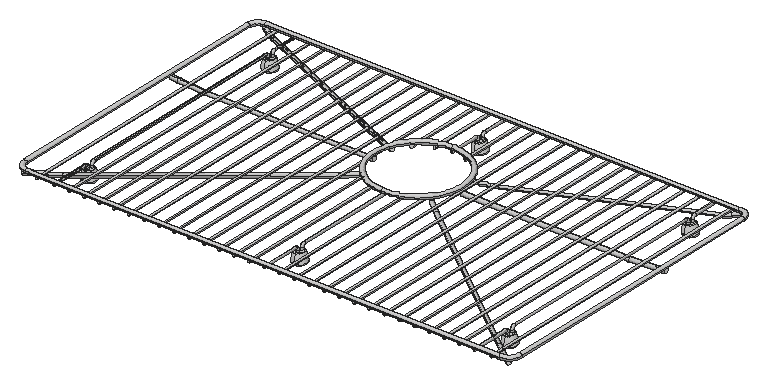
Revit family "Accessory-Sink_Rack-KOHLER-Lyric_Workstation-K-23380_1", category Specialty Equipment, host Face, Revit 2021 (continued)
Definition of nested family "K-23380"
  Lines and regions (in)
    Masking region 1
      outline origin (0, 0, 0) x (1, 0, 0) y (0, 1, 0)
        loop
          circle (-2.05906, 0) r 2.01329
    Masking region 2
      outline origin (0, 0, 0) x (1, 0, 0) y (0, 0, 1)
        loop
          arc (-7.12787, 1.02362) -> (-7.21742, 0.94007) -> (-7.14027, 0.84494) r 0.08977
          spline (-7.14027, 0.84494) -> (-7.14596, 0.84138) -> (-7.15139, 0.83734) -> (-7.15652, 0.83286) -> (-7.16131, 0.82796) -> (-7.16571, 0.8227) -> (-7.1697, 0.81709) -> (-7.17325, 0.8112) -> (-7.17633, 0.80506) -> (-7.17891, 0.79873) -> (-7.18098, 0.79224) -> (-7.18252, 0.78565) -> (-7.18352, 0.77901)
          spline (-7.18352, 0.77901) -> (-7.18397, 0.7724) -> (-7.18387, 0.76584) -> (-7.18322, 0.75938) -> (-7.18203, 0.75307) -> (-7.18031, 0.74695) -> (-7.17807, 0.74108) -> (-7.17533, 0.7355) -> (-7.1721, 0.73024) -> (-7.16841, 0.72535) -> (-7.1643, 0.72087) -> (-7.15978, 0.71683) -> (-7.15491, 0.71326)
          line (-7.15491, 0.71326) -> (-6.93494, 0.56131)
          arc (-6.93494, 0.56131) -> (-6.90686, 0.55165) -> (-6.8772, 0.55014) r 0.10637
          line (-6.8772, 0.55014) -> (-5.97633, 0.55014)
          arc (-5.97633, 0.55014) -> (-6.04887, 0.3473) -> (-6.06615, 0.13258) r 0.82094
          arc (-6.06615, 0.13258) -> (-6.06177, 0.11794) -> (-6.05115, 0.10697) r 0.03222
          arc (-6.05115, 0.10697) -> (-5.95451, 0.05578) -> (-5.85128, 0.01968) r 0.72683
          arc (-5.85128, 0.01968) -> (-5.79527, 0.01018) -> (-5.73848, 0.01123) r 0.30518
          arc (-5.73848, 0.01123) -> (-5.68169, 0.01018) -> (-5.62568, 0.01968) r 0.30518
          arc (-5.62568, 0.01968) -> (-5.52245, 0.05578) -> (-5.42581, 0.10697) r 0.72683
          arc (-5.42581, 0.10697) -> (-5.41519, 0.11794) -> (-5.41081, 0.13258) r 0.03222
          arc (-5.41081, 0.13258) -> (-5.42809, 0.3473) -> (-5.50064, 0.55014) r 0.82094
          line (-5.50064, 0.55014) -> (-3.04072, 0.55014)
          arc (-3.04072, 0.55014) -> (-2.89781, 0.60433) -> (-2.82676, 0.73967) r 0.21553
          line (-2.82676, 0.73967) -> (-2.15797, 0.73967) -> (-2.15797, 0.64162)
          arc (-2.15797, 0.64162) -> (-2.13007, 0.5728) -> (-2.06213, 0.54285) r 0.09881
          arc (-2.06213, 0.54285) -> (-1.99419, 0.5728) -> (-1.96629, 0.64162) r 0.09881
          line (-1.96629, 0.64162) -> (-1.96629, 0.73967) -> (-0.84047, 0.73967)
          arc (-0.84047, 0.73967) -> (-0.82683, 0.68602) -> (-0.78718, 0.64738) r 0.10203
          arc (-0.78718, 0.64738) -> (-0.68035, 0.59811) -> (-0.56799, 0.56324) r 0.89712
          arc (-0.56799, 0.56324) -> (-0.43794, 0.54202) -> (-0.30618, 0.54007) r 0.89712
          line (-0.30618, 0.54007) -> (4.76662, 0.54007)
          arc (4.76662, 0.54007) -> (4.698, 0.34178) -> (4.68188, 0.13258) r 0.82094
          arc (4.68188, 0.13258) -> (4.68626, 0.11794) -> (4.69688, 0.10697) r 0.03222
          arc (4.69688, 0.10697) -> (4.79352, 0.05578) -> (4.89675, 0.01968) r 0.72683
          arc (4.89675, 0.01968) -> (4.95276, 0.01018) -> (5.00955, 0.01123) r 0.30518
          arc (5.00955, 0.01123) -> (5.06635, 0.01018) -> (5.12235, 0.01968) r 0.30518
          arc (5.12235, 0.01968) -> (5.22558, 0.05578) -> (5.32222, 0.10697) r 0.72683
          arc (5.32222, 0.10697) -> (5.33284, 0.11794) -> (5.33722, 0.13258) r 0.03222
          arc (5.33722, 0.13258) -> (5.32182, 0.3383) -> (5.25562, 0.53369) r 0.82094
          line (5.25562, 0.53369) -> (6.33073, 0.53369)
          arc (6.33073, 0.53369) -> (6.40357, 0.53711) -> (6.47577, 0.54736) r 0.7763
          line (6.47577, 0.54736) -> (7.05592, 0.65769)
          arc (7.05592, 0.65769) -> (7.10415, 0.68592) -> (7.12375, 0.73825) r 0.08343
          arc (7.12375, 0.73825) -> (7.12419, 0.791) -> (7.12375, 0.84375) r 3.13631
          arc (7.12375, 0.84375) -> (7.21983, 0.92158) -> (7.15001, 1.02362) r 0.09119
          line (7.15001, 1.02362) -> (-7.12787, 1.02362)
    Masking region 3
      outline origin (0, 0, 0) x (0, 1, 0) y (0, 0, 1)
        loop
          arc (-11.78129, 1.02362) -> (-11.84734, 0.99679) -> (-11.87598, 0.9315) r 0.09473
          arc (-11.87598, 0.9315) -> (-11.84808, 0.86718) -> (-11.78086, 0.84728) r 0.08285
          line (-11.78086, 0.84728) -> (-11.80194, 0.6574) -> (-10.90421, 0.5577)
          arc (-10.90421, 0.5577) -> (-10.82685, 0.55177) -> (-10.74926, 0.5511) r 1.14157
          line (-10.74926, 0.5511) -> (-10.15871, 0.5511)
          arc (-10.15871, 0.5511) -> (-10.27799, 0.35178) -> (-10.33851, 0.12752) r 0.84506
          arc (-10.33851, 0.12752) -> (-10.33543, 0.11208) -> (-10.32368, 0.1016) r 0.02483
          arc (-10.32368, 0.1016) -> (-10.22429, 0.04722) -> (-10.11508, 0.0171) r 0.49031
          arc (-10.11508, 0.0171) -> (-10.06358, 0.01191) -> (-10.01181, 0.01217) r 0.49031
          arc (-10.01181, 0.01217) -> (-9.96005, 0.01191) -> (-9.90854, 0.0171) r 0.49031
          arc (-9.90854, 0.0171) -> (-9.79933, 0.04722) -> (-9.69994, 0.1016) r 0.49031
          arc (-9.69994, 0.1016) -> (-9.6882, 0.11208) -> (-9.68512, 0.12752) r 0.02483
          arc (-9.68512, 0.12752) -> (-9.74563, 0.35178) -> (-9.86491, 0.5511) r 0.84506
          line (-9.86491, 0.5511) -> (-2.02522, 0.5511)
          arc (-2.02522, 0.5511) -> (-1.92967, 0.56064) -> (-1.83789, 0.5889) r 0.4831
          line (-1.83789, 0.5889) -> (-1.64296, 0.64761)
          spline (-1.64296, 0.64761) -> (-1.63919, 0.65093) -> (-1.63573, 0.65488) -> (-1.63261, 0.65943) -> (-1.62987, 0.66453) -> (-1.62752, 0.67014) -> (-1.62558, 0.67621) -> (-1.62409, 0.68267) -> (-1.62304, 0.68947) -> (-1.62246, 0.69655) -> (-1.62233, 0.70383) -> (-1.62268, 0.71126) -> (-1.62349, 0.71875)
          spline (-1.62349, 0.71875) -> (-1.62553, 0.72986) -> (-1.62854, 0.74074) -> (-1.63244, 0.75116) -> (-1.63717, 0.76092) -> (-1.64261, 0.76981) -> (-1.64867, 0.77764) -> (-1.65521, 0.78426) -> (-1.66211, 0.78953) -> (-1.66921, 0.79334) -> (-1.67637, 0.79561) -> (-1.68345, 0.79629) -> (-1.6903, 0.79538)
          line (-1.6903, 0.79538) -> (-1.91713, 0.74089)
          arc (-1.91713, 0.74089) -> (-1.93654, 0.77837) -> (-1.96696, 0.80762) r 0.12962
          line (-1.96696, 0.80762) -> (-2.08825, 0.77512)
          arc (-2.08825, 0.77512) -> (-2.09281, 0.81883) -> (-2.1263, 0.84728) r 0.05906
          line (-2.1263, 0.84728) -> (-1.44802, 0.84728)
          arc (-1.44802, 0.84728) -> (-1.4732, 0.8278) -> (-1.48273, 0.79743) r 0.05315
          arc (-1.48273, 0.79743) -> (-1.42958, 0.74428) -> (-1.37643, 0.79743) r 0.05315
          arc (-1.37643, 0.79743) -> (-1.38596, 0.8278) -> (-1.41114, 0.84728) r 0.05315
          line (-1.41114, 0.84728) -> (-0.73304, 0.84728)
          arc (-0.73304, 0.84728) -> (-0.75821, 0.8278) -> (-0.76775, 0.79743) r 0.05315
          arc (-0.76775, 0.79743) -> (-0.7146, 0.74428) -> (-0.66145, 0.79743) r 0.05315
          arc (-0.66145, 0.79743) -> (-0.67098, 0.8278) -> (-0.69615, 0.84728) r 0.05315
          line (-0.69615, 0.84728) -> (-0.02091, 0.84728)
          arc (-0.02091, 0.84728) -> (-0.04407, 0.82781) -> (-0.05273, 0.79883) r 0.0528
          line (-0.05273, 0.79883) -> (-0.05273, 0.56854) -> (-0.11294, 0.56854)
          arc (-0.11294, 0.56854) -> (-0.12812, 0.56756) -> (-0.14059, 0.55885) r 0.02827
          arc (-0.14059, 0.55885) -> (-0.26422, 0.35638) -> (-0.32669, 0.12752) r 0.84506
          arc (-0.32669, 0.12752) -> (-0.32361, 0.11208) -> (-0.31187, 0.1016) r 0.02483
          arc (-0.31187, 0.1016) -> (-0.21248, 0.04722) -> (-0.10327, 0.0171) r 0.49031
          arc (-0.10327, 0.0171) -> (0, 0.00917) -> (0.10327, 0.0171) r 0.67628
          arc (0.10327, 0.0171) -> (0.21248, 0.04722) -> (0.31187, 0.1016) r 0.49031
          arc (0.31187, 0.1016) -> (0.32361, 0.11208) -> (0.32669, 0.12752) r 0.02483
          arc (0.32669, 0.12752) -> (0.26422, 0.35638) -> (0.14059, 0.55885) r 0.84506
          arc (0.14059, 0.55885) -> (0.12812, 0.56756) -> (0.11294, 0.56854) r 0.02827
          line (0.11294, 0.56854) -> (0.05288, 0.56854) -> (0.05288, 0.79883)
          arc (0.05288, 0.79883) -> (0.04421, 0.82781) -> (0.02106, 0.84728) r 0.0528
          line (0.02106, 0.84728) -> (0.69615, 0.84728)
          arc (0.69615, 0.84728) -> (0.67098, 0.8278) -> (0.66145, 0.79743) r 0.05315
          arc (0.66145, 0.79743) -> (0.7146, 0.74428) -> (0.76775, 0.79743) r 0.05315
          arc (0.76775, 0.79743) -> (0.75821, 0.8278) -> (0.73304, 0.84728) r 0.05315
          line (0.73304, 0.84728) -> (1.41114, 0.84728)
          arc (1.41114, 0.84728) -> (1.38596, 0.8278) -> (1.37643, 0.79743) r 0.05315
          arc (1.37643, 0.79743) -> (1.42958, 0.74428) -> (1.48273, 0.79743) r 0.05315
          arc (1.48273, 0.79743) -> (1.4732, 0.8278) -> (1.44802, 0.84728) r 0.05315
          line (1.44802, 0.84728) -> (2.1263, 0.84728)
          arc (2.1263, 0.84728) -> (2.09281, 0.81883) -> (2.08825, 0.77512) r 0.05906
          line (2.08825, 0.77512) -> (1.96696, 0.80762)
          arc (1.96696, 0.80762) -> (1.93654, 0.77837) -> (1.91713, 0.74089) r 0.12962
          line (1.91713, 0.74089) -> (1.68944, 0.79558)
          spline (1.68944, 0.79558) -> (1.68264, 0.79629) -> (1.67562, 0.79544) -> (1.66853, 0.79304) -> (1.66151, 0.78914) -> (1.65472, 0.78381) -> (1.64827, 0.77718) -> (1.64231, 0.76936) -> (1.63695, 0.76052) -> (1.6323, 0.75084) -> (1.62846, 0.74051) -> (1.62551, 0.72974) -> (1.62349, 0.71875)
          spline (1.62349, 0.71875) -> (1.62256, 0.7095) -> (1.62233, 0.70038) -> (1.62282, 0.69153) -> (1.62401, 0.68306) -> (1.62589, 0.6751) -> (1.62844, 0.66777) -> (1.6316, 0.66116) -> (1.63535, 0.65538) -> (1.63962, 0.6505) -> (1.64436, 0.6466) -> (1.6495, 0.64372) -> (1.65496, 0.64192)
          arc (1.65496, 0.64192) -> (1.87686, 0.57403) -> (2.10779, 0.5511) r 1.17426
          line (2.10779, 0.5511) -> (9.86491, 0.5511)
          arc (9.86491, 0.5511) -> (9.74563, 0.35178) -> (9.68512, 0.12752) r 0.84506
          arc (9.68512, 0.12752) -> (9.6882, 0.11208) -> (9.69994, 0.1016) r 0.02483
          arc (9.69994, 0.1016) -> (9.79933, 0.04722) -> (9.90854, 0.0171) r 0.49031
          arc (9.90854, 0.0171) -> (9.96005, 0.01191) -> (10.01181, 0.01217) r 0.49031
          arc (10.01181, 0.01217) -> (10.06358, 0.01191) -> (10.11508, 0.0171) r 0.49031
          arc (10.11508, 0.0171) -> (10.22429, 0.04722) -> (10.32368, 0.1016) r 0.49031
          arc (10.32368, 0.1016) -> (10.33543, 0.11208) -> (10.33851, 0.12752) r 0.02483
          arc (10.33851, 0.12752) -> (10.27799, 0.35178) -> (10.15871, 0.5511) r 0.84506
          line (10.15871, 0.5511) -> (10.74926, 0.5511)
          arc (10.74926, 0.5511) -> (10.82685, 0.55177) -> (10.90421, 0.5577) r 1.14157
          line (10.90421, 0.5577) -> (11.80194, 0.6574) -> (11.78086, 0.84728)
          arc (11.78086, 0.84728) -> (11.84808, 0.86718) -> (11.87598, 0.9315) r 0.08285
          arc (11.87598, 0.9315) -> (11.84734, 0.99679) -> (11.78129, 1.02362) r 0.09473
          line (11.78129, 1.02362) -> (-11.78129, 1.02362)
        loop
          line (10.86688, 0.75061) -> (11.28563, 0.84728) -> (10.84282, 0.84728)
          arc (10.84282, 0.84728) -> (10.88154, 0.80489) -> (10.86688, 0.75061) r 0.05906
        loop
          line (11.73387, 0.84728) -> (11.34369, 0.84728) -> (11.37252, 0.79836) -> (11.58637, 0.83951)
          arc (11.58637, 0.83951) -> (11.60572, 0.83763) -> (11.62094, 0.82555) r 0.03433
          line (11.62094, 0.82555) -> (11.73387, 0.84728)
        loop
          line (10.04489, 0.74236) -> (10.79099, 0.74236)
          arc (10.79099, 0.74236) -> (10.76556, 0.79927) -> (10.80532, 0.84728) r 0.05906
          line (10.80532, 0.84728) -> (10.03056, 0.84728)
          arc (10.03056, 0.84728) -> (10.07032, 0.79927) -> (10.04489, 0.74236) r 0.05906
        loop
          line (8.60742, 0.74236) -> (9.26397, 0.74236)
          arc (9.26397, 0.74236) -> (9.23854, 0.79927) -> (9.2783, 0.84728) r 0.05906
          line (9.2783, 0.84728) -> (8.59309, 0.84728)
          arc (8.59309, 0.84728) -> (8.63285, 0.79927) -> (8.60742, 0.74236) r 0.05906
        loop
          line (6.47408, 0.74214) -> (7.11998, 0.74236)
          arc (7.11998, 0.74236) -> (7.09455, 0.79927) -> (7.13431, 0.84728) r 0.05906
          line (7.13431, 0.84728) -> (6.46008, 0.84728)
          arc (6.46008, 0.84728) -> (6.49986, 0.79908) -> (6.47408, 0.74214) r 0.05906
        loop
          line (5.75145, 0.74236) -> (6.40824, 0.74236)
          arc (6.40824, 0.74236) -> (6.38281, 0.79927) -> (6.42257, 0.84728) r 0.05906
          line (6.42257, 0.84728) -> (5.73712, 0.84728)
          arc (5.73712, 0.84728) -> (5.77688, 0.79927) -> (5.75145, 0.74236) r 0.05906
        loop
          line (5.04433, 0.74202) -> (5.68529, 0.74236)
          arc (5.68529, 0.74236) -> (5.65986, 0.79927) -> (5.69962, 0.84728) r 0.05906
          line (5.69962, 0.84728) -> (5.0305, 0.84728)
          arc (5.0305, 0.84728) -> (5.0703, 0.79897) -> (5.04433, 0.74202) r 0.05906
        loop
          line (4.32481, 0.74236) -> (4.97867, 0.74236)
          arc (4.97867, 0.74236) -> (4.95324, 0.79927) -> (4.993, 0.84728) r 0.05906
          line (4.993, 0.84728) -> (4.31048, 0.84728)
          arc (4.31048, 0.84728) -> (4.35024, 0.79927) -> (4.32481, 0.74236) r 0.05906
        loop
          line (3.61148, 0.74236) -> (4.25864, 0.74236)
          arc (4.25864, 0.74236) -> (4.23321, 0.79927) -> (4.27297, 0.84728) r 0.05906
          line (4.27297, 0.84728) -> (3.59715, 0.84728)
          arc (3.59715, 0.84728) -> (3.63691, 0.79927) -> (3.61148, 0.74236) r 0.05906
        loop
          line (2.89688, 0.74152) -> (3.54532, 0.74236)
          arc (3.54532, 0.74236) -> (3.51989, 0.79927) -> (3.55965, 0.84728) r 0.05906
          line (3.55965, 0.84728) -> (2.88383, 0.84728)
          arc (2.88383, 0.84728) -> (2.92369, 0.79851) -> (2.89688, 0.74152) r 0.05906
        loop
          line (2.19638, 0.76208) -> (2.30842, 0.74236) -> (2.832, 0.74236)
          arc (2.832, 0.74236) -> (2.80657, 0.79927) -> (2.84633, 0.84728) r 0.05906
          line (2.84633, 0.84728) -> (2.1638, 0.84728)
          arc (2.1638, 0.84728) -> (2.20021, 0.81237) -> (2.19638, 0.76208) r 0.05906
        loop
          line (9.99306, 0.84728) -> (9.3158, 0.84728)
          arc (9.3158, 0.84728) -> (9.35556, 0.79927) -> (9.33013, 0.74236) r 0.05906
          line (9.33013, 0.74236) -> (9.97873, 0.74236)
          arc (9.97873, 0.74236) -> (9.9533, 0.79927) -> (9.99306, 0.84728) r 0.05906
        loop
          line (8.55559, 0.84728) -> (7.88379, 0.84728)
          arc (7.88379, 0.84728) -> (7.92355, 0.79927) -> (7.89812, 0.74236) r 0.05906
          line (7.89812, 0.74236) -> (8.54126, 0.74236)
          arc (8.54126, 0.74236) -> (8.51583, 0.79927) -> (8.55559, 0.84728) r 0.05906
        loop
          line (7.84629, 0.84728) -> (7.17181, 0.84728)
          arc (7.17181, 0.84728) -> (7.21157, 0.79927) -> (7.18614, 0.74236) r 0.05906
          line (7.18614, 0.74236) -> (7.83196, 0.74236)
          arc (7.83196, 0.74236) -> (7.80653, 0.79927) -> (7.84629, 0.84728) r 0.05906
        loop
          arc (-10.86688, 0.75061) -> (-10.88138, 0.80554) -> (-10.84282, 0.84728) r 0.05906
          line (-10.84282, 0.84728) -> (-11.28563, 0.84728) -> (-10.86688, 0.75061)
        loop
          arc (-10.04489, 0.74236) -> (-10.07032, 0.79927) -> (-10.03056, 0.84728) r 0.05906
          line (-10.03056, 0.84728) -> (-10.80532, 0.84728)
          arc (-10.80532, 0.84728) -> (-10.76556, 0.79927) -> (-10.79099, 0.74236) r 0.05906
          line (-10.79099, 0.74236) -> (-10.04489, 0.74236)
        loop
          arc (-6.47441, 0.74236) -> (-6.49984, 0.79927) -> (-6.46008, 0.84728) r 0.05906
          line (-6.46008, 0.84728) -> (-7.13431, 0.84728)
          arc (-7.13431, 0.84728) -> (-7.09455, 0.79927) -> (-7.11998, 0.74236) r 0.05906
          line (-7.11998, 0.74236) -> (-6.47441, 0.74236)
        loop
          arc (-5.75145, 0.74236) -> (-5.77688, 0.79927) -> (-5.73712, 0.84728) r 0.05906
          line (-5.73712, 0.84728) -> (-6.42257, 0.84728)
          arc (-6.42257, 0.84728) -> (-6.38281, 0.79927) -> (-6.40824, 0.74236) r 0.05906
          line (-6.40824, 0.74236) -> (-5.75145, 0.74236)
        loop
          arc (-5.04483, 0.74236) -> (-5.07026, 0.79927) -> (-5.0305, 0.84728) r 0.05906
          line (-5.0305, 0.84728) -> (-5.69962, 0.84728)
          arc (-5.69962, 0.84728) -> (-5.65986, 0.79927) -> (-5.68529, 0.74236) r 0.05906
          line (-5.68529, 0.74236) -> (-5.04483, 0.74236)
        loop
          arc (-4.32481, 0.74236) -> (-4.35024, 0.79927) -> (-4.31048, 0.84728) r 0.05906
          line (-4.31048, 0.84728) -> (-4.993, 0.84728)
          arc (-4.993, 0.84728) -> (-4.95324, 0.79927) -> (-4.97867, 0.74236) r 0.05906
          line (-4.97867, 0.74236) -> (-4.32481, 0.74236)
        loop
          arc (-3.61148, 0.74236) -> (-3.63691, 0.79927) -> (-3.59715, 0.84728) r 0.05906
          line (-3.59715, 0.84728) -> (-4.27297, 0.84728)
          arc (-4.27297, 0.84728) -> (-4.23321, 0.79927) -> (-4.25864, 0.74236) r 0.05906
          line (-4.25864, 0.74236) -> (-3.61148, 0.74236)
        loop
          arc (-2.89816, 0.74236) -> (-2.92359, 0.79927) -> (-2.88383, 0.84728) r 0.05906
          line (-2.88383, 0.84728) -> (-3.55965, 0.84728)
          arc (-3.55965, 0.84728) -> (-3.51989, 0.79927) -> (-3.54532, 0.74236) r 0.05906
          line (-3.54532, 0.74236) -> (-2.89816, 0.74236)
        loop
          arc (-2.1964, 0.76211) -> (-2.20021, 0.81239) -> (-2.1638, 0.84728) r 0.05906
          line (-2.1638, 0.84728) -> (-2.84633, 0.84728)
          arc (-2.84633, 0.84728) -> (-2.80657, 0.79927) -> (-2.832, 0.74236) r 0.05906
          line (-2.832, 0.74236) -> (-2.30842, 0.74236) -> (-2.1964, 0.76211)
        loop
          arc (-9.99306, 0.84728) -> (-9.9533, 0.79927) -> (-9.97873, 0.74236) r 0.05906
          line (-9.97873, 0.74236) -> (-9.33013, 0.74236)
          arc (-9.33013, 0.74236) -> (-9.35556, 0.79927) -> (-9.3158, 0.84728) r 0.05906
          line (-9.3158, 0.84728) -> (-9.99306, 0.84728)
        loop
          arc (-9.2783, 0.84728) -> (-9.23854, 0.79927) -> (-9.26397, 0.74236) r 0.05906
          line (-9.26397, 0.74236) -> (-8.60724, 0.74224)
          arc (-8.60724, 0.74224) -> (-8.63287, 0.79916) -> (-8.59309, 0.84728) r 0.05906
          line (-8.59309, 0.84728) -> (-9.2783, 0.84728)
        loop
          arc (-8.55559, 0.84728) -> (-8.51583, 0.79927) -> (-8.54126, 0.74236) r 0.05906
          line (-8.54126, 0.74236) -> (-7.89812, 0.74236)
          arc (-7.89812, 0.74236) -> (-7.92355, 0.79927) -> (-7.88379, 0.84728) r 0.05906
          line (-7.88379, 0.84728) -> (-8.55559, 0.84728)
        loop
          arc (-7.84629, 0.84728) -> (-7.80653, 0.79927) -> (-7.83196, 0.74236) r 0.05906
          line (-7.83196, 0.74236) -> (-7.18614, 0.74236)
          arc (-7.18614, 0.74236) -> (-7.21157, 0.79927) -> (-7.17181, 0.84728) r 0.05906
          line (-7.17181, 0.84728) -> (-7.84629, 0.84728)
        loop
          line (-11.34369, 0.84728) -> (-11.73375, 0.84728) -> (-11.62053, 0.82549)
          spline (-11.62053, 0.82549) -> (-11.61788, 0.82806) -> (-11.61516, 0.83039) -> (-11.61238, 0.83248) -> (-11.60955, 0.83433) -> (-11.60668, 0.83591) -> (-11.60378, 0.83724) -> (-11.60087, 0.8383) -> (-11.59795, 0.83909) -> (-11.59502, 0.83961) -> (-11.59211, 0.83985) -> (-11.58923, 0.83982) -> (-11.58637, 0.83951)
          line (-11.58637, 0.83951) -> (-11.37252, 0.79836)
          spline (-11.37252, 0.79836) -> (-11.37058, 0.80356) -> (-11.36853, 0.80864) -> (-11.36636, 0.81356) -> (-11.36408, 0.81831) -> (-11.36172, 0.82285) -> (-11.35928, 0.82718) -> (-11.35677, 0.83125) -> (-11.35421, 0.83507) -> (-11.3516, 0.83859) -> (-11.34897, 0.84181) -> (-11.34633, 0.84471) -> (-11.34369, 0.84728)
    symbolic lines, detail levels medium+fine
      curve 1: line (-7.02362, -10.87573, 0) -> (-7.02362, 11.28543, 0)
      curve 2: arc (-7.02362, 11.28543, 0) -> (-7.02157, 11.32555, 0) -> (-7.01545, 11.36524, 0) r 0.3937
      curve 3: line (-6.62992, 11.67913, 0) -> (6.62992, 11.67913, 0)
      curve 4: arc (6.90622, 11.5659, 0) -> (6.99309, 11.43746, 0) -> (7.02362, 11.28543, 0) r 0.3937
      curve 5: line (7.02362, 11.28543, 0) -> (7.02362, -11.28543, 0)
      curve 6: arc (-3.66997, 1.49346, 0) -> (-3.71442, 1.44404, 0) -> (-3.75735, 1.3933, 0) r 2.19669
      curve 7: line (7.02362, 10.87773, 0) -> (-7.02362, 10.87773, 0)
      curve 8: line (-6.7538, 10.77756, 0) -> (7.02362, 10.77756, 0)
      curve 9: line (7.02362, 9.3488, 0) -> (-6.49093, 9.3488, 0)
      curve 10: line (-7.02362, 9.24864, 0) -> (7.02362, 9.24864, 0)
      curve 11: line (7.02362, 8.63599, 0) -> (-7.02362, 8.63599, 0)
      curve 12: line (-7.02362, 8.53583, 0) -> (6.95276, 8.53583, 0)
      curve 13: line (7.02362, 7.91837, 0) -> (-7.02362, 7.91837, 0)
      curve 14: line (-7.02362, 7.81821, 0) -> (6.95276, 7.81821, 0)
      curve 15: line (7.02362, 7.20556, 0) -> (-7.02362, 7.20556, 0)
      curve 16: line (-7.02362, 7.1054, 0) -> (7.02362, 7.1054, 0)
      curve 17: line (7.02362, 6.48795, 0) -> (-7.02362, 6.48795, 0)
      curve 18: line (-7.02362, 6.38779, 0) -> (7.02362, 6.38779, 0)
      curve 19: line (7.02362, 5.77993, 0) -> (-7.02362, 5.77993, 0)
      curve 20: line (-7.02362, 5.67977, 0) -> (7.02362, 5.67977, 0)
      curve 21: line (7.02362, 5.06232, 0) -> (-7.02362, 5.06232, 0)
      curve 22: line (-7.02362, 4.96216, 0) -> (7.02362, 4.96216, 0)
      curve 23: line (7.02362, 4.33991, 0) -> (-7.02362, 4.33991, 0)
      curve 24: line (-7.02362, 4.23975, 0) -> (6.95276, 4.23975, 0)
      curve 25: line (6.95276, 3.6343, 0) -> (-7.02362, 3.6343, 0)
      curve 26: line (-7.02362, 3.53413, 0) -> (6.95276, 3.53413, 0)
      curve 27: line (7.02362, 2.91908, 0) -> (-7.02362, 2.91908, 0)
      curve 28: line (-7.02362, 2.81892, 0) -> (6.95276, 2.81892, 0)
      curve 29: line (-7.02362, 2.09651, 0) -> (-2.71489, 2.09651, 0)
      curve 30: line (-1.40322, 2.09651, 0) -> (6.27394, 2.09651, 0)
      curve 31: line (-2.73593, -2.08981, 0) -> (-7.02362, -2.08981, 0)
      curve 32: line (-7.02362, -2.18997, 0) -> (-2.8077, -2.18997, 0)
      curve 33: line (0.09133, -2.08981, 0) -> (-1.38218, -2.08981, 0)
      curve 34: line (-1.95693, -2.18997, 0) -> (-0.24553, -2.18997, 0)
      curve 35: line (6.95276, -2.80982, 0) -> (-7.02362, -2.80982, 0)
      curve 36: line (-7.02362, -2.90998, 0) -> (0.65354, -2.90998, 0)
      curve 37: line (1.83465, -3.51544, 0) -> (-7.02362, -3.51544, 0)
      curve 38: line (-7.02362, -3.6156, 0) -> (1.44094, -3.6156, 0)
      curve 39: line (1.83465, -4.23545, 0) -> (-7.02362, -4.23545, 0)
      curve 40: line (-7.02362, -4.33561, 0) -> (1.83465, -4.33561, 0)
      curve 41: line (2.4252, -4.94826, 0) -> (-7.02362, -4.94826, 0)
      curve 42: line (-7.02362, -5.04842, 0) -> (2.4252, -5.04842, 0)
      curve 43: line (2.8189, -5.66107, 0) -> (-7.02362, -5.66107, 0)
      curve 44: line (-7.02362, -5.76124, 0) -> (2.8189, -5.76124, 0)
      curve 45: line (4, -6.38109, 0) -> (-7.02362, -6.38109, 0)
      curve 46: line (-7.02362, -6.48125, 0) -> (3.6063, -6.48125, 0)
      curve 47: line (4.59055, -7.0939, 0) -> (-7.02362, -7.0939, 0)
      curve 48: line (-7.02362, -7.19406, 0) -> (4.59055, -7.19406, 0)
      curve 49: line (5.77165, -7.80911, 0) -> (-7.02362, -7.80911, 0)
      curve 50: line (-7.02362, -7.90927, 0) -> (5.0034, -7.90927, 0)
      curve 51: line (5.5748, -8.52673, 0) -> (-7.02362, -8.52673, 0)
      curve 52: line (-7.02362, -8.62689, 0) -> (5.37795, -8.62689, 0)
      curve 53: line (5.9685, -9.24194, 0) -> (-7.02362, -9.24194, 0)
      curve 54: line (-7.02362, -9.3421, 0) -> (5.9685, -9.3421, 0)
      curve 55: line (-6.98136, -10.77557, 0) -> (6.60132, -10.77557, 0)
      curve 56: line (-7.02362, -10.87573, 0) -> (7.02362, -10.87573, 0)
      curve 57: line (-7.01929, -11.34369, 0) -> (-7.02362, -10.87573, 0)
      curve 58: arc (7.00873, -11.39271, 0) -> (6.97107, -11.48195, 0) -> (6.91276, -11.5593, 0) r 0.3937
      curve 59: line (-6.07522, 10.06374, 0) -> (-5.87517, 10.06374, 0)
      curve 60: arc (-5.87517, 10.06374, 0) -> (-5.83582, 10.04892, 0) -> (-5.81603, 10.01181, 0) r 0.05964
      curve 61: arc (-5.81603, 10.01181, 0) -> (-5.82979, 9.9716, 0) -> (-5.8701, 9.95813, 0) r 0.04793
      curve 62: line (-5.8701, 9.95813, 0) -> (-6.08133, 9.95813, 0)
      curve 63: arc (4.89637, 10.05921, 0) -> (4.91897, 10.03999, 0) -> (4.92825, 10.01181, 0) r 0.05481
      curve 64: arc (4.92825, 10.01181, 0) -> (4.91653, 9.97697, 0) -> (4.88443, 9.95905, 0) r 0.05102
      curve 65: line (-5.41404, 10.06374, 0) -> (-5.61409, 10.06374, 0)
      curve 66: arc (-5.61409, 10.06374, 0) -> (-5.65345, 10.04892, 0) -> (-5.67324, 10.01181, 0) r 0.05964
      curve 67: arc (-5.67324, 10.01181, 0) -> (-5.65948, 9.9716, 0) -> (-5.61916, 9.95813, 0) r 0.04793
      curve 68: line (-5.61916, 9.95813, 0) -> (-5.40793, 9.95813, 0)
      curve 69: line (4.67213, 10.05921, 0) -> (4.89637, 10.05921, 0)
      curve 70: line (4.67294, 9.95905, 0) -> (4.88443, 9.95905, 0)
      curve 71: arc (5.11043, 10.05921, 0) -> (5.08783, 10.03999, 0) -> (5.07855, 10.01181, 0) r 0.05481
      curve 72: arc (5.07855, 10.01181, 0) -> (5.09027, 9.97697, 0) -> (5.12237, 9.95905, 0) r 0.05102
      curve 73: line (5.33467, 10.05921, 0) -> (5.11043, 10.05921, 0)
      curve 74: line (5.33386, 9.95905, 0) -> (5.12237, 9.95905, 0)
      curve 75: line (-6.07517, -9.95955, 0) -> (-5.8703, -9.95955, 0)
      curve 76: line (-6.07517, -10.06407, 0) -> (-5.8703, -10.06407, 0)
      curve 77: arc (-5.8703, -9.95955, 0) -> (-5.81804, -10.01181, 0) -> (-5.8703, -10.06407, 0) r 0.05226
      curve 78: line (-5.41409, -9.95955, 0) -> (-5.61896, -9.95955, 0)
      curve 79: line (-5.41409, -10.06407, 0) -> (-5.61896, -10.06407, 0)
      curve 80: arc (-5.61896, -9.95955, 0) -> (-5.67122, -10.01181, 0) -> (-5.61896, -10.06407, 0) r 0.05226
      curve 81: line (4.67286, -9.95955, 0) -> (4.87619, -9.95955, 0)
      curve 82: line (4.67286, -10.06407, 0) -> (4.87619, -10.06407, 0)
      curve 83: arc (4.87619, -9.95955, 0) -> (4.92844, -10.01181, 0) -> (4.87619, -10.06407, 0) r 0.05226
      curve 84: line (5.33394, -9.95955, 0) -> (5.13061, -9.95955, 0)
      curve 85: line (5.33394, -10.06407, 0) -> (5.13061, -10.06407, 0)
      curve 86: arc (5.13061, -9.95955, 0) -> (5.07835, -10.01181, 0) -> (5.13061, -10.06407, 0) r 0.05226
      curve 87: line (-6.07417, 0.05823, 0) -> (-5.89111, 0.05823, 0)
      curve 88: line (-6.07664, -0.04193, 0) -> (-5.89111, -0.04193, 0)
      curve 89: arc (-5.89111, 0.05823, 0) -> (-5.84103, 0.00815, 0) -> (-5.89111, -0.04193, 0) r 0.05008
      curve 90: line (-5.41509, 0.05823, 0) -> (-5.59815, 0.05823, 0)
      curve 91: line (-5.41262, -0.04193, 0) -> (-5.59815, -0.04193, 0)
      curve 92: arc (-5.59815, 0.05823, 0) -> (-5.64823, 0.00815, 0) -> (-5.59815, -0.04193, 0) r 0.05008
      curve 93: line (4.67386, 0.05823, 0) -> (4.89954, 0.05823, 0)
      curve 94: line (4.67139, -0.04193, 0) -> (4.89954, -0.04193, 0)
      curve 95: arc (4.89954, 0.05823, 0) -> (4.94962, 0.00815, 0) -> (4.89954, -0.04193, 0) r 0.05008
      curve 96: line (5.33294, 0.05823, 0) -> (5.10726, 0.05823, 0)
      curve 97: line (5.33541, -0.04193, 0) -> (5.10726, -0.04193, 0)
      curve 98: arc (5.10726, 0.05823, 0) -> (5.05718, 0.00815, 0) -> (5.10726, -0.04193, 0) r 0.05008
      curve 99: line (-3.14834, 2.19667, 0) -> (-2.93334, 2.19667, 0)
      curve 100: line (-0.47085, 2.19667, 0) -> (-0.22757, 2.19667, 0)
      curve 101: line (5.9685, -11.67913, 0) -> (-6.62992, -11.67913, 0)
      curve 102: line (-1.78897, -9.95955, 0) -> (-5.41409, -9.95955, 0)
      curve 103: line (-5.41343, -10.05971, 0) -> (-1.91849, -10.05971, 0)
      curve 104: line (-6.61567, -9.95955, 0) -> (-6.399, -9.95955, 0)
      curve 105: line (-6.66055, -10.05971, 0) -> (-6.44388, -10.05971, 0)
      curve 106: line (5.65172, -9.95955, 0) -> (5.87901, -9.95955, 0)
      curve 107: line (5.73067, -10.05971, 0) -> (5.95796, -10.05971, 0)
      curve 108: line (-6.9688, 10.77756, 0) -> (-6.7538, 10.77756, 0)
      curve 109: line (5.71989, 10.05921, 0) -> (5.96318, 10.05921, 0)
      curve 110: line (5.64103, 9.95905, 0) -> (5.92055, 9.95905, 0)
      curve 111: line (-6.64897, 10.05921, 0) -> (-6.43397, 10.05921, 0)
      curve 112: line (-6.60438, 9.95905, 0) -> (-6.38937, 9.95905, 0)
      curve 113: line (7.1235, 0, 0.84375) -> (7.05372, 0, 0.84375)
      curve 114: line (5.33722, 0, 0.13258) -> (4.68188, 0, 0.13258)
      curve 115: line (5.32222, 0, 0.10697) -> (4.69688, 0, 0.10697)
      curve 116: line (5.20011, 0, 0.57026) -> (5.20011, 0, 0.68594)
      curve 117: line (5.08416, 0, 0.57026) -> (5.08416, 0, 0.69414)
      curve 118: arc (5.08416, 0, 0.69414) -> (5.08866, 0, 0.71851) -> (5.10154, 0, 0.73967) r 0.06832
      curve 119: line (5.20011, 0, 0.57026) -> (5.0034, 0, 0.57026)
      curve 120: arc (5.25562, 0, 0.53369) -> (5.23335, 0, 0.56029) -> (5.20011, 0, 0.57026) r 0.06042
      curve 121: line (4.80669, 0, 0.57026) -> (4.80669, 0, 0.68594)
      curve 122: line (4.92263, 0, 0.57026) -> (4.92263, 0, 0.69414)
      curve 123: arc (4.92263, 0, 0.69414) -> (4.91814, 0, 0.71851) -> (4.90526, 0, 0.73967) r 0.06832
      curve 124: line (4.80669, 0, 0.57026) -> (5.0034, 0, 0.57026)
      curve 125: arc (4.76662, 0, 0.54007) -> (4.78161, 0, 0.56187) -> (4.80669, 0, 0.57026) r 0.04169
      curve 126: arc (7.12375, 0, 0.74286) -> (7.1075, 0, 0.79843) -> (7.06593, 0, 0.83872) r 0.11335
      curve 127: arc (7.06593, 0, 0.83872) -> (7.04568, 0, 0.84534) -> (7.02442, 0, 0.84375) r 0.05486
      curve 128: arc (6.99123, 0, 0.81774) -> (6.98774, 0, 0.71978) -> (7.06552, 0, 0.66012) r 0.10696
      curve 129: arc (7.02442, 0, 0.84375) -> (7.00523, 0, 0.83406) -> (6.99123, 0, 0.81774) r 0.05486
      curve 130: line (7.02442, 0, 0.84375) -> (-7.0663, 0, 0.84375)
      curve 131: line (6.67577, 0, 0.78036) -> (7.02442, 0, 0.84375)
      curve 132: arc (6.34568, 0, 0.73967) -> (6.51131, 0, 0.75529) -> (6.67577, 0, 0.78036) r 2.9089
      curve 133: line (-5.41081, 0, 0.13258) -> (-6.06615, 0, 0.13258)
      curve 134: line (-5.42581, 0, 0.10697) -> (-6.05115, 0, 0.10697)
      curve 135: line (-2.82676, 0, 0.73967) -> (-6.86456, 0, 0.73967)
      curve 136: line (-5.54792, 0, 0.57026) -> (-5.54792, 0, 0.68594)
      curve 137: line (-5.66387, 0, 0.57026) -> (-5.66387, 0, 0.69414)
      curve 138: arc (-5.66387, 0, 0.69414) -> (-5.65937, 0, 0.71851) -> (-5.64649, 0, 0.73967) r 0.06832
      curve 139: line (-5.54792, 0, 0.57026) -> (-5.74463, 0, 0.57026)
      curve 140: arc (-5.5029, 0, 0.55014) -> (-5.52327, 0, 0.565) -> (-5.54792, 0, 0.57026) r 0.06042
      curve 141: line (-5.94134, 0, 0.57026) -> (-5.94134, 0, 0.68618)
      curve 142: line (-5.8254, 0, 0.57026) -> (-5.8254, 0, 0.69414)
      curve 143: arc (-5.8254, 0, 0.69414) -> (-5.82989, 0, 0.71851) -> (-5.84277, 0, 0.73967) r 0.06832
      curve 144: line (-5.94134, 0, 0.57026) -> (-5.74463, 0, 0.57026)
      curve 145: arc (-5.97702, 0, 0.55014) -> (-5.96182, 0, 0.56488) -> (-5.94134, 0, 0.57026) r 0.04169
      curve 146: arc (-5.54792, 0, 0.68594) -> (-5.53267, 0, 0.72346) -> (-5.49555, 0, 0.73967) r 0.05375
      curve 147: arc (-5.94134, 0, 0.68618) -> (-5.95968, 0, 0.7267) -> (-6.00222, 0, 0.73967) r 0.05394
      curve 148: spline (-7.03966, 0, 0.77901) -> (-7.04219, 0, 0.76579) -> (-7.04684, 0, 0.75296) -> (-7.05347, 0, 0.74094) -> (-7.06187, 0, 0.73007) -> (-7.07178, 0, 0.72069) -> (-7.0829, 0, 0.71309) -> (-7.0949, 0, 0.7075) -> (-7.1074, 0, 0.70408) -> (-7.12004, 0, 0.70296) -> (-7.13241, 0, 0.70414) -> (-7.14416, 0, 0.70761) -> (-7.15491, 0, 0.71326)
      curve 149: spline (-7.14027, 0, 0.84494) -> (-7.1283, 0, 0.85052) -> (-7.11582, 0, 0.85393) -> (-7.10321, 0, 0.85507) -> (-7.09086, 0, 0.8539) -> (-7.07914, 0, 0.85046) -> (-7.0684, 0, 0.84485) -> (-7.05897, 0, 0.83724) -> (-7.05114, 0, 0.82787) -> (-7.04514, 0, 0.81701) -> (-7.04115, 0, 0.80501) -> (-7.03931, 0, 0.79221) -> (-7.03966, 0, 0.77901)
      curve 150: line (-6.86456, 0, 0.73967) -> (-7.06827, 0, 0.84477)
      curve 151: line (0, 10.33851, 0.12752) -> (0, 9.68512, 0.12752)
      curve 152: line (0, 10.32368, 0.1016) -> (0, 9.69994, 0.1016)
      curve 153: arc (0, 10.84282, 0.84728) -> (0, 10.82407, 0.85034) -> (0, 10.80532, 0.84728) r 0.05906
      curve 154: arc (0, 10.03056, 0.84728) -> (0, 10.01181, 0.85034) -> (0, 9.99306, 0.84728) r 0.05906
      curve 155: arc (0, 9.26397, 0.74236) -> (0, 9.29705, 0.73223) -> (0, 9.33013, 0.74236) r 0.05906
      curve 156: arc (0, 8.59309, 0.84728) -> (0, 8.57434, 0.85034) -> (0, 8.55559, 0.84728) r 0.05906
      curve 157: arc (0, 7.88379, 0.84728) -> (0, 7.86504, 0.85034) -> (0, 7.84629, 0.84728) r 0.05906
      curve 158: arc (0, 7.17181, 0.84728) -> (0, 7.15306, 0.85034) -> (0, 7.13431, 0.84728) r 0.05906
      curve 159: arc (0, 6.46008, 0.84728) -> (0, 6.44133, 0.85034) -> (0, 6.42257, 0.84728) r 0.05906
      curve 160: arc (0, 5.73712, 0.84728) -> (0, 5.71837, 0.85034) -> (0, 5.69962, 0.84728) r 0.05906
      curve 161: arc (0, 5.0305, 0.84728) -> (0, 5.01175, 0.85034) -> (0, 4.993, 0.84728) r 0.05906
      curve 162: arc (0, 4.31048, 0.84728) -> (0, 4.29172, 0.85034) -> (0, 4.27297, 0.84728) r 0.05906
      curve 163: arc (0, 3.59715, 0.84728) -> (0, 3.5784, 0.85034) -> (0, 3.55965, 0.84728) r 0.05906
      curve 164: arc (0, 2.88383, 0.84728) -> (0, 2.86508, 0.85034) -> (0, 2.84633, 0.84728) r 0.05906
      curve 165: arc (0, 2.1638, 0.84728) -> (0, 2.14505, 0.85034) -> (0, 2.1263, 0.84728) r 0.05906
      curve 166: arc (0, 1.44802, 0.84728) -> (0, 1.42958, 0.85058) -> (0, 1.41114, 0.84728) r 0.05315
      curve 167: arc (0, 0.73304, 0.84728) -> (0, 0.7146, 0.85058) -> (0, 0.69615, 0.84728) r 0.05315
      curve 168: arc (0, 0.02106, 0.84728) -> (0, 0.00007, 0.85163) -> (0, -0.02091, 0.84728) r 0.0528
      curve 169: line (0, 0.32669, 0.12752) -> (0, -0.32669, 0.12752)
      curve 170: line (0, 0.31187, 0.1016) -> (0, -0.31187, 0.1016)
      curve 171: arc (0, -0.69615, 0.84728) -> (0, -0.72121, 0.85017) -> (0, -0.74477, 0.84119) r 0.05315
      curve 172: arc (0, -1.41114, 0.84728) -> (0, -1.43468, 0.85034) -> (0, -1.4572, 0.84284) r 0.05315
      curve 173: arc (0, -2.1263, 0.84728) -> (0, -2.14505, 0.85034) -> (0, -2.1638, 0.84728) r 0.05906
      curve 174: arc (0, -2.84633, 0.84728) -> (0, -2.86508, 0.85034) -> (0, -2.88383, 0.84728) r 0.05906
      curve 175: arc (0, -3.55965, 0.84728) -> (0, -3.5784, 0.85034) -> (0, -3.59715, 0.84728) r 0.05906
      curve 176: arc (0, -4.27297, 0.84728) -> (0, -4.29172, 0.85034) -> (0, -4.31048, 0.84728) r 0.05906
      curve 177: arc (0, -4.993, 0.84728) -> (0, -5.01175, 0.85034) -> (0, -5.0305, 0.84728) r 0.05906
      curve 178: arc (0, -5.69962, 0.84728) -> (0, -5.71837, 0.85034) -> (0, -5.73712, 0.84728) r 0.05906
      curve 179: arc (0, -6.42257, 0.84728) -> (0, -6.44133, 0.85034) -> (0, -6.46008, 0.84728) r 0.05906
      curve 180: arc (0, -7.13431, 0.84728) -> (0, -7.15306, 0.85034) -> (0, -7.17181, 0.84728) r 0.05906
      curve 181: arc (0, -7.84629, 0.84728) -> (0, -7.86504, 0.85034) -> (0, -7.88379, 0.84728) r 0.05906
      curve 182: arc (0, -8.55559, 0.84728) -> (0, -8.57434, 0.85034) -> (0, -8.59309, 0.84728) r 0.05906
      curve 183: arc (0, -9.2783, 0.84728) -> (0, -9.29705, 0.85034) -> (0, -9.3158, 0.84728) r 0.05906
      curve 184: arc (0, -9.99306, 0.84728) -> (0, -10.01181, 0.85034) -> (0, -10.03056, 0.84728) r 0.05906
      curve 185: arc (0, -10.80532, 0.84728) -> (0, -10.82407, 0.85034) -> (0, -10.84282, 0.84728) r 0.05906
      curve 186: line (0, -9.68512, 0.12752) -> (0, -10.33851, 0.12752)
      curve 187: line (0, -9.69994, 0.1016) -> (0, -10.32368, 0.1016)
      curve 188: spline (0, 11.31425, 0.77901) -> (0, 11.31267, 0.78606) -> (0, 11.31137, 0.79306) -> (0, 11.31037, 0.79993) -> (0, 11.30968, 0.80662) -> (0, 11.30931, 0.81307) -> (0, 11.30925, 0.81923) -> (0, 11.30952, 0.82504) -> (0, 11.3101, 0.83046) -> (0, 11.31099, 0.83543) -> (0, 11.31219, 0.83992) -> (0, 11.31368, 0.84388) -> (0, 11.31545, 0.84728)
      curve 189: spline (0, 11.37831, 0.77901) -> (0, 11.38203, 0.75933) -> (0, 11.38332, 0.74098) -> (0, 11.38209, 0.72523) -> (0, 11.37842, 0.71315) -> (0, 11.37255, 0.70555) -> (0, 11.3649, 0.70296) -> (0, 11.35597, 0.70555) -> (0, 11.34639, 0.71315) -> (0, 11.3368, 0.72523) -> (0, 11.32785, 0.74098) -> (0, 11.32016, 0.75933) -> (0, 11.31425, 0.77901)
      curve 190: spline (0, 11.62017, 0.82586) -> (0, 11.61505, 0.83048) -> (0, 11.60972, 0.83422) -> (0, 11.60425, 0.83704) -> (0, 11.59871, 0.83891) -> (0, 11.59316, 0.83979) -> (0, 11.58768, 0.83969) -> (0, 11.58234, 0.83859) -> (0, 11.57721, 0.83652) -> (0, 11.57234, 0.8335) -> (0, 11.56781, 0.82957) -> (0, 11.56367, 0.82477) -> (0, 11.55997, 0.81918)
      curve 191: line (0, 11.62017, 0.82586) -> (0, 11.37252, 0.79836)
      curve 192: line (0, 11.36837, 0.70344) -> (0, 11.02701, 0.60555)
      curve 193: arc (0, 11.02701, 0.60555) -> (0, 10.86901, 0.5735) -> (0, 10.70793, 0.56676) r 1.01972
      curve 194: line (0, 10.70793, 0.56676) -> (0, 2.49135, 0.56676)
      curve 195: line (0, 10.84282, 0.84728) -> (0, 11.31545, 0.84728)
      curve 196: line (0, 11.21656, 0.84728) -> (0, 11.78086, 0.84728)
      curve 197: spline (0, 11.37252, 0.79836) -> (0, 11.37307, 0.79678) -> (0, 11.37361, 0.79519) -> (0, 11.37414, 0.79359) -> (0, 11.37466, 0.79199) -> (0, 11.37516, 0.79038) -> (0, 11.37565, 0.78877) -> (0, 11.37613, 0.78715) -> (0, 11.37659, 0.78553) -> (0, 11.37704, 0.7839) -> (0, 11.37748, 0.78227) -> (0, 11.3779, 0.78064) -> (0, 11.37831, 0.77901)
      curve 198: line (0, 11.58637, 0.83951) -> (0, 11.37252, 0.79836)
      curve 199: arc (0, 2.49135, 0.56676) -> (0, 2.20119, 0.58961) -> (0, 1.91818, 0.65762) r 1.85332
      curve 200: arc (0, 1.91818, 0.65762) -> (0, 1.91713, 0.74089) -> (0, 1.96696, 0.80762) r 0.12962
      curve 201: line (0, 1.96696, 0.80762) -> (0, 2.08825, 0.77512)
      curve 202: line (0, 2.10779, 0.60688) -> (0, 2.10779, 0.5511)
      curve 203: spline (0, 1.68944, 0.79558) -> (0, 1.69491, 0.79378) -> (0, 1.70004, 0.7909) -> (0, 1.70478, 0.787) -> (0, 1.70905, 0.78212) -> (0, 1.7128, 0.77634) -> (0, 1.71597, 0.76973) -> (0, 1.71851, 0.7624) -> (0, 1.72039, 0.75444) -> (0, 1.72158, 0.74597) -> (0, 1.72207, 0.73712) -> (0, 1.72185, 0.728) -> (0, 1.72091, 0.71875)
      curve 204: spline (0, 1.72091, 0.71875) -> (0, 1.71874, 0.70709) -> (0, 1.71551, 0.69569) -> (0, 1.7113, 0.68481) -> (0, 1.70619, 0.67471) -> (0, 1.70031, 0.66561) -> (0, 1.6938, 0.65772) -> (0, 1.68679, 0.65122) -> (0, 1.67945, 0.64625) -> (0, 1.67194, 0.64294) -> (0, 1.66444, 0.64135) -> (0, 1.65711, 0.64152) -> (0, 1.65013, 0.64345)
      curve 205: line (0, 1.68944, 0.79558) -> (0, 1.91713, 0.74089)
      curve 206: line (0, 10.15871, 0.5511) -> (0, 9.86491, 0.5511)
      curve 207: line (0, -10.33851, 0.12752) -> (0, -9.68512, 0.12752)
      curve 208: line (0, -10.32368, 0.1016) -> (0, -9.69994, 0.1016)
      curve 209: arc (0, -9.97873, 0.74236) -> (0, -10.01181, 0.73223) -> (0, -10.04489, 0.74236) r 0.05906
      curve 210: arc (0, -2.08825, 0.77512) -> (0, -2.13862, 0.73258) -> (0, -2.19701, 0.7632) r 0.05906
      curve 211: spline (0, -11.31425, 0.77901) -> (0, -11.31267, 0.78606) -> (0, -11.31137, 0.79306) -> (0, -11.31037, 0.79993) -> (0, -11.30968, 0.80662) -> (0, -11.30931, 0.81307) -> (0, -11.30925, 0.81923) -> (0, -11.30952, 0.82504) -> (0, -11.3101, 0.83046) -> (0, -11.31099, 0.83543) -> (0, -11.31219, 0.83992) -> (0, -11.31368, 0.84388) -> (0, -11.31545, 0.84728)
      curve 212: spline (0, -11.37831, 0.77901) -> (0, -11.38203, 0.75933) -> (0, -11.38332, 0.74098) -> (0, -11.38209, 0.72523) -> (0, -11.37842, 0.71315) -> (0, -11.37255, 0.70555) -> (0, -11.3649, 0.70296) -> (0, -11.35597, 0.70555) -> (0, -11.34639, 0.71315) -> (0, -11.3368, 0.72523) -> (0, -11.32785, 0.74098) -> (0, -11.32016, 0.75933) -> (0, -11.31425, 0.77901)
      curve 213: spline (0, -11.58637, 0.83951) -> (0, -11.58381, 0.839) -> (0, -11.58129, 0.83825) -> (0, -11.57882, 0.83729) -> (0, -11.5764, 0.8361) -> (0, -11.57405, 0.83469) -> (0, -11.57178, 0.83307) -> (0, -11.56958, 0.83124) -> (0, -11.56746, 0.82921) -> (0, -11.56544, 0.82698) -> (0, -11.56351, 0.82456) -> (0, -11.56169, 0.82196) -> (0, -11.55997, 0.81918)
      curve 214: line (0, -11.62017, 0.82586) -> (0, -11.37252, 0.79836)
      curve 215: line (0, -11.36837, 0.70344) -> (0, -11.02701, 0.60555)
      curve 216: arc (0, -11.02701, 0.60555) -> (0, -10.86901, 0.5735) -> (0, -10.70793, 0.56676) r 1.01972
      curve 217: line (0, -10.70793, 0.56676) -> (0, -2.49135, 0.56676)
      curve 218: line (0, -10.84282, 0.84728) -> (0, -11.36871, 0.84728)
      curve 219: line (0, -11.34369, 0.84728) -> (0, -11.78086, 0.84728)
      curve 220: spline (0, -11.37252, 0.79836) -> (0, -11.37307, 0.79678) -> (0, -11.37361, 0.79519) -> (0, -11.37414, 0.79359) -> (0, -11.37466, 0.79199) -> (0, -11.37516, 0.79038) -> (0, -11.37565, 0.78877) -> (0, -11.37613, 0.78715) -> (0, -11.37659, 0.78553) -> (0, -11.37704, 0.7839) -> (0, -11.37748, 0.78227) -> (0, -11.3779, 0.78064) -> (0, -11.37831, 0.77901)
      curve 221: line (0, -11.58637, 0.83951) -> (0, -11.37252, 0.79836)
      curve 222: arc (0, -2.49135, 0.56676) -> (0, -2.20119, 0.58961) -> (0, -1.91818, 0.65762) r 1.85332
      curve 223: arc (0, -1.91818, 0.65762) -> (0, -1.91713, 0.74089) -> (0, -1.96696, 0.80762) r 0.12962
      curve 224: line (0, -1.96696, 0.80762) -> (0, -2.08825, 0.77512)
      curve 225: line (0, -2.10779, 0.60688) -> (0, -2.10779, 0.5511)
      curve 226: spline (0, -1.68944, 0.79558) -> (0, -1.69491, 0.79378) -> (0, -1.70004, 0.7909) -> (0, -1.70478, 0.787) -> (0, -1.70905, 0.78212) -> (0, -1.7128, 0.77634) -> (0, -1.71597, 0.76973) -> (0, -1.71851, 0.7624) -> (0, -1.72039, 0.75444) -> (0, -1.72158, 0.74597) -> (0, -1.72207, 0.73712) -> (0, -1.72185, 0.728) -> (0, -1.72091, 0.71875)
      curve 227: spline (0, -1.72091, 0.71875) -> (0, -1.71849, 0.70601) -> (0, -1.7148, 0.69362) -> (0, -1.70996, 0.68191) -> (0, -1.70409, 0.6712) -> (0, -1.69736, 0.66179) -> (0, -1.68994, 0.65392) -> (0, -1.68204, 0.64781) -> (0, -1.67388, 0.64363) -> (0, -1.66567, 0.64149) -> (0, -1.65763, 0.64145) -> (0, -1.64999, 0.64351) -> (0, -1.64296, 0.64761)
      curve 228: line (0, -1.68944, 0.79558) -> (0, -1.91713, 0.74089)
      curve 229: line (0, -10.15871, 0.5511) -> (0, -9.86491, 0.5511)
      curve 230: line (0, 0.05283, 0.56882) -> (0, -0.05295, 0.56882)
      curve 231: spline (-2.15625, 0, 0.75057) -> (-2.15306, 0, 0.72646) -> (-2.14369, 0, 0.70398) -> (-2.12879, 0, 0.68469) -> (-2.10938, 0, 0.66988) -> (-2.08676, 0, 0.66057) -> (-2.0625, 0, 0.6574) -> (-2.03824, 0, 0.66057) -> (-2.01563, 0, 0.66988) -> (-1.99621, 0, 0.68469) -> (-1.98131, 0, 0.70398) -> (-1.97194, 0, 0.72646) -> (-1.96875, 0, 0.75057) -> (-1.97194, 0, 0.77469) -> (-1.98131, 0, 0.79716) -> (-1.99621, 0, 0.81646) -> (-2.01562, 0, 0.83127) -> (-2.03824, 0, 0.84058) -> (-2.0625, 0, 0.84375) -> (-2.08676, 0, 0.84058) -> (-2.10937, 0, 0.83127) -> (-2.12879, 0, 0.81646) -> (-2.14369, 0, 0.79716) -> (-2.15306, 0, 0.77469) -> (-2.15625, 0, 0.75057)
      curve 232: line (-0.84047, 0, 0.73967) -> (6.34568, 0, 0.73967)
      curve 233: arc (4.80669, 0, 0.68594) -> (4.79716, 0, 0.71802) -> (4.77164, 0, 0.73967) r 0.05871
      curve 234: arc (5.20011, 0, 0.68594) -> (5.21512, 0, 0.72321) -> (5.25178, 0, 0.73967) r 0.05377
      curve 235: line (-1.97023, 0, 0.73968) -> (-0.84047, 0, 0.73967)
      curve 236: line (-2.82676, 0, 0.73967) -> (-2.15561, 0, 0.73967)
      curve 237: line (-1.6732, 10.05921, 0) -> (-5.41336, 10.05921, 0)
      curve 238: line (-5.41417, 9.95905, 0) -> (-1.87086, 9.95905, 0)
      curve 239: arc (-4.11778, 0.76624, 0) -> (-4.13566, 0.71637, 0) -> (-4.15233, 0.66608, 0) r 2.19669
      curve 240: arc (-1.40322, 2.09651, 0) -> (-2.05906, 2.19669, 0) -> (-2.71489, 2.09651, 0) r 2.19669
      curve 241: arc (-0.63813, 1.67524, 0) -> (-0.71236, 1.73547, 0) -> (-0.78914, 1.79242, 0) r 2.19669
      curve 242: arc (-0.36076, 1.3933, 0) -> (-0.40369, 1.44404, 0) -> (-0.44814, 1.49346, 0) r 2.19669
      curve 243: arc (0.03422, 0.66608, 0) -> (0.01755, 0.71637, 0) -> (-0.00033, 0.76624, 0) r 2.19669
      curve 244: arc (0.13724, -0.04193, 0) -> (0.13762, 0.00815, 0) -> (0.13687, 0.05823, 0) r 2.19669
      curve 245: arc (0.00215, -0.75954, 0) -> (0.01985, -0.70967, 0) -> (0.03634, -0.65938, 0) r 2.19669
      curve 246: arc (-0.78725, -1.79108, 0) -> (-0.71553, -1.73793, 0) -> (-0.64602, -1.68191, 0) r 2.19669
      curve 247: arc (-0.42667, -1.46996, 0) -> (-0.38346, -1.42051, 0) -> (-0.34175, -1.3698, 0) r 2.19669
      curve 248: arc (-3.03442, -1.96828, 0) -> (-2.94485, -2.01018, 0) -> (-2.85348, -2.04801, 0) r 2.19669
      curve 249: arc (-3.77636, -1.3698, 0) -> (-3.73465, -1.42051, 0) -> (-3.69144, -1.46996, 0) r 2.19669
      curve 250: arc (-4.15445, -0.65938, 0) -> (-4.13796, -0.70967, 0) -> (-4.12026, -0.75954, 0) r 2.19669
      curve 251: arc (-4.25498, 0.05823, 0) -> (-4.25573, 0.00815, 0) -> (-4.25535, -0.04193, 0) r 2.19669
      curve 252: arc (-2.73593, -2.08981, 0) -> (-2.48631, -2.15474, 0) -> (-2.23079, -2.18997, 0) r 2.19669
      curve 253: arc (-2.16118, -2.19432, 0) -> (-2.05906, -2.19669, 0) -> (-1.95693, -2.19432, 0) r 2.19669
      curve 254: arc (-1.88732, -2.18997, 0) -> (-1.6318, -2.15474, 0) -> (-1.38218, -2.08981, 0) r 2.19669
      curve 255: arc (-2.86512, 2.04346, 0) -> (-2.95567, 2.00538, 0) -> (-3.04443, 1.96329, 0) r 2.19669
      curve 256: arc (0, 10.79099, 0.74236) -> (0, 10.83045, 0.73257) -> (0, 10.86688, 0.75061) r 0.05906
      curve 257: arc (0, 9.97873, 0.74236) -> (0, 10.01181, 0.73223) -> (0, 10.04489, 0.74236) r 0.05906
      curve 258: arc (0, 9.3158, 0.84728) -> (0, 9.29705, 0.85034) -> (0, 9.2783, 0.84728) r 0.05906
      curve 259: arc (0, 8.54126, 0.74236) -> (0, 8.57434, 0.73223) -> (0, 8.60742, 0.74236) r 0.05906
      curve 260: arc (0, 7.83196, 0.74236) -> (0, 7.86504, 0.73223) -> (0, 7.89812, 0.74236) r 0.05906
      curve 261: arc (0, 7.11998, 0.74236) -> (0, 7.15306, 0.73223) -> (0, 7.18614, 0.74236) r 0.05906
      curve 262: arc (0, 6.40824, 0.74236) -> (0, 6.44133, 0.73223) -> (0, 6.47441, 0.74236) r 0.05906
      curve 263: arc (0, 5.68529, 0.74236) -> (0, 5.71837, 0.73223) -> (0, 5.75145, 0.74236) r 0.05906
      curve 264: arc (0, 4.97867, 0.74236) -> (0, 5.01175, 0.73223) -> (0, 5.04483, 0.74236) r 0.05906
      curve 265: arc (0, 4.25864, 0.74236) -> (0, 4.29172, 0.73223) -> (0, 4.32481, 0.74236) r 0.05906
      curve 266: arc (0, 3.54532, 0.74236) -> (0, 3.5784, 0.73223) -> (0, 3.61148, 0.74236) r 0.05906
      curve 267: arc (0, 2.832, 0.74236) -> (0, 2.86508, 0.73223) -> (0, 2.89816, 0.74236) r 0.05906
      curve 268: arc (0, 2.08825, 0.77512) -> (0, 2.138, 0.73265) -> (0, 2.1964, 0.76211) r 0.05906
      curve 269: arc (0, -0.05273, 0.79883) -> (0, 0.00007, 0.74602) -> (0, 0.05288, 0.79883) r 0.0528
      curve 270: arc (0, -2.89816, 0.74236) -> (0, -2.86508, 0.73223) -> (0, -2.832, 0.74236) r 0.05906
      curve 271: arc (0, -3.61148, 0.74236) -> (0, -3.5784, 0.73223) -> (0, -3.54532, 0.74236) r 0.05906
      curve 272: arc (0, -4.32481, 0.74236) -> (0, -4.29172, 0.73223) -> (0, -4.25864, 0.74236) r 0.05906
      curve 273: arc (0, -5.04483, 0.74236) -> (0, -5.01175, 0.73223) -> (0, -4.97867, 0.74236) r 0.05906
      curve 274: arc (0, -5.75145, 0.74236) -> (0, -5.71837, 0.73223) -> (0, -5.68529, 0.74236) r 0.05906
      curve 275: arc (0, -6.47441, 0.74236) -> (0, -6.44133, 0.73223) -> (0, -6.40824, 0.74236) r 0.05906
      curve 276: arc (0, -7.18614, 0.74236) -> (0, -7.15306, 0.73223) -> (0, -7.11998, 0.74236) r 0.05906
      curve 277: arc (0, -7.89812, 0.74236) -> (0, -7.86504, 0.73223) -> (0, -7.83196, 0.74236) r 0.05906
      curve 278: arc (0, -8.60742, 0.74236) -> (0, -8.57434, 0.73223) -> (0, -8.54126, 0.74236) r 0.05906
      curve 279: arc (0, -9.33013, 0.74236) -> (0, -9.29705, 0.73223) -> (0, -9.26397, 0.74236) r 0.05906
      curve 280: arc (0, -10.86688, 0.75061) -> (0, -10.83045, 0.73257) -> (0, -10.79099, 0.74236) r 0.05906
  Dimensions and locks (in)
    aligned and locked: plane 2 to level
